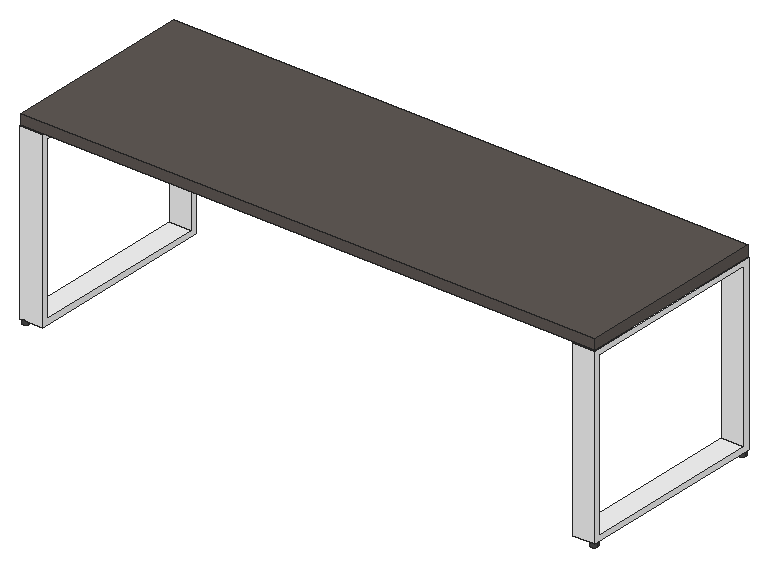
Revit family "Workstations-Multi_Level-Teknion-B_MDWO-Open_Frame_Legs-R2019", category Furniture, Revit 2019
Family settings
  OmniClass Number = 23.40.20.00
  OmniClass Title = General Furniture and Specialties
  Work Plane-Based = No
  Always vertical = Yes
  Cut with Voids When Loaded = No
  Shared = Yes
  Room Calculation Point = No
Parameters (values of type "1-9/16" Thick WS")
  Worksurface Finish [instance] = Source Laminate - Teknion - DA - Espresso
  Width [instance] = 90.000"
  Warranty = "http://www.teknion.com/ca/papers/legal-canada"
  Unit Weight URL = "http://www.teknion.com/ca/tools/assets#&asset=bee6a381-b954-425e-8283-5a2de3a804f2,f828d448-4b62-4231-9e5f-9a8991c0ed77"
  URL = "www.teknion.com"
  Thickness = 1.555"
  Sustainability Data = "http://www.teknion.com/ca/tools/assets#&topic=216f99a5-57a0-44fc-b10a-9dee9b29ae4c&asset=444deb64-fe58-4b68-981e-f75e97781df7"
  Suspended Modesty Panel Options [instance] = "Select one of the options below."  # constant formula
  Suspended Modesty Panel Height Options [instance] = "Select one of the options below."  # constant formula
  Suspended Modesty Panel - Solid Finish [instance] = Veneer-Teknion-5T-Flintwood-White_Truffle (Long Grain)
  Suspended Modesty Panel - Solid [instance] = no
  Suspended Modesty Panel - Metal Finish [instance] = Paint-Teknion-20-T-Foundation-Atrium White
  Suspended Modesty Panel - Metal [instance] = no
  Suspended Modesty Panel - Glass Hardware Finish [instance] = Paint - Teknion - Mica - Very White
  Suspended Modesty Panel - Glass Finish [instance] = Glass - Teknion - FT - Frosted Glass
  Suspended Modesty Panel - Glass [instance] = no
  Suspended Modesty Panel - Felt Finish [instance] = Fabric-Teknion-RB13-Carrera
  Suspended Modesty Panel - Felt [instance] = no
  Series = "Expansion Casegoods"  # constant formula
  Product Page URL = "http://www.teknion.com/ca/products/product-details?productlineid=0053336e-8e7a-673b-a6c8-ff00004460c4"
  Product Line = "Expansion Casegoods"  # constant formula
  Product Documentation Link = "http://www.teknion.com/pricing/expansion-casegoods/pdfs/B_MDWO_ppg.pdf"
  Part Number = "B_MDWO"  # constant formula
  Panel Height [instance] = if([6" Height Suspended Modesty Panel], 6.636", 10.009")  # 10.009"
  No Grommet Option [instance] = not([Has Both Ends - Rectangular])  # yes
  Has Both Ends - Rectangular [instance] = no
  Frame Leg Finish [instance] = Mica - Teknion - V - Satin - Very White
  Available Widths [instance] = if(Thickness = 1.016", "54, 60, 66, or 72 inches.", "54, 60, 66, 72, 78, 84, or 90 inches.")  # "54, 60, 66, 72, 78, 84, or 90 inches."
  Available Depths [instance] = if(Thickness = 1.016", "24 or 30 inches.", "24, 30, or 36 inches.")  # "24, 30, or 36 inches."
  Model = "BXMDWO___"
  Manufacturer Phone = "416-661-3370"  # constant formula
  Manufacturer Fax = "416.661.4586"  # constant formula
  Manufacturer Contact Information = "http://www.teknion.com/ca/contactus"
  Manufacturer Address = "1150 Flint Road, Toronto, ON. M3J 2J5. Canada"  # constant formula
  Manufacturer = "Teknion"  # constant formula
  Grommet Finish [instance] = Mica - Teknion - V - Satin - Very White
  Description = "Table Desk - Open Frame Legs, (1-9/16\" Thick WS)"
  Depth [instance] = 30.000"
  Assembly Code = "E2020200"
  6" Height Suspended Modesty Panel [instance] = no
  10" Height Suspended Modesty Panel [instance] = not([6" Height Suspended Modesty Panel])  # yes
Types (3): name | Width | Thickness | Panel Height | Available Widths | Available Depths | Model | Description | Depth | 6" Height Suspended Modesty Panel | 10" Height Suspended Modesty Panel
  1-3/16" Thick WS | 66.000" | 1.18898" | 6.636" | "54, 60, 66, 72, 78, 84, or 90 inches." | "24, 30, or 36 inches." | "BMMDWO___" | "Table Desk - Open Frame Legs, (1-3/16\" Thick WS)" | 24.000" | yes | no
  1" Thick WS | 66.000" | 1.016" | 6.636" | "54, 60, 66, or 72 inches." | "24 or 30 inches." | "BDMDWO___" | "Table Desk - Open Frame Legs, (1\" Thick WS)" | 24.000" | yes | no
  1-9/16" Thick WS | 90.000" | 1.555" | 10.009" | "54, 60, 66, 72, 78, 84, or 90 inches." | "24, 30, or 36 inches." | "BXMDWO___" | "Table Desk - Open Frame Legs, (1-9/16\" Thick WS)" | 30.000" | no | yes
Reference planes (in)
  plane 1 "Center Front/Back": y = 0
  plane 2: z = 0
  plane 3 "Center Left/Right": x = 0
  plane 4 "Left": x = -45
  plane 5 "Right": x = 45
  plane 6 "Back": y = 15
  plane 7 "Front": y = -15
  plane 8 "Top": z = 27.80709
  plane 9: z = 29.36209
  plane 10: z = 27.61959
  plane 11: z = 0.60236
  plane 12: x = -41.59449
  plane 13: x = -44.88189
  plane 14: x = -41.45669
  plane 15: x = 41.59449
  plane 16: x = 44.88189
  plane 17: x = 41.45669
  plane 18: x = -39
  plane 19: z = 26.61811
  plane 20: z = 29.51957
  plane 21 "Center L/S": y = 8.49213
  plane 22: x = 39
  plane 23: z = 17.79809
Forms (in)
  Extrusion 1, solid, material "Source Laminate - Teknion - DA - Espresso" <- "Worksurface Finish"
    sketch origin (-51, -180, 27.80709) x (-1, 0, 0) y (0, -1, 0)
      loop
        line (-6, -195) -> (-6, -165) -> (-96, -165) -> (-96, -195) -> (-6, -195)
    from 0 to 1.555
  Extrusion 2, solid, material "Mica - Teknion - V - Satin - Very White" <- "Frame Leg Finish"
    sketch origin (-45, 0, 0) x (0, -1, 0) y (0, 0, -1)
      loop
        line (14.8622, -27.80709) -> (14.8622, -27.61959) -> (7.81496, -27.61959) -> (7.81496, -27.80709) -> (14.8622, -27.80709)
    from 0.11811 to 3.40551
  Extrusion 3, solid, material "Mica - Teknion - V - Satin - Very White" <- "Frame Leg Finish"
    sketch origin (-45, 0, 0) x (0, 1, 0) y (0, 0, 1)
      loop
        line (14.8622, 27.80709) -> (7.81496, 27.80709) -> (7.81496, 27.61959) -> (14.8622, 27.61959) -> (14.8622, 27.80709)
    from 0.11811 to 3.40551
  Extrusion 4, solid, material "Mica - Teknion - V - Satin - Very White" <- "Frame Leg Finish"
    sketch origin (-45, 0, 0) x (0, 1, 0) y (0, 0, 1)
      loop
        line (15, 0.60236) -> (15, 27.61959) -> (-15, 27.61959) -> (-15, 0.60236) -> (15, 0.60236)
      loop
        line (14.17323, 26.79281) -> (-14.17323, 26.79281) -> (-14.17323, 1.42913) -> (14.17323, 1.42913) -> (14.17323, 26.79281)
    from 0 to 3.54331
  Extrusion 5, solid, material "Mica - Teknion - V - Satin - Very White" <- "Frame Leg Finish"
    sketch origin (27, 0, 0) x (0, -1, 0) y (0, 0, 1)
      loop
        line (14.8622, 27.80709) -> (7.81496, 27.80709) -> (7.81496, 27.61959) -> (14.8622, 27.61959) -> (14.8622, 27.80709)
    from -17.88189 to -14.59449
  Extrusion 6, solid, material "Mica - Teknion - V - Satin - Very White" <- "Frame Leg Finish"
    sketch origin (27, 0, 0) x (0, 1, 0) y (0, 0, -1)
      loop
        line (14.8622, -27.80709) -> (14.8622, -27.61959) -> (7.81496, -27.61959) -> (7.81496, -27.80709) -> (14.8622, -27.80709)
    from -17.88189 to -14.59449
  Extrusion 7, solid, material "Mica - Teknion - V - Satin - Very White" <- "Frame Leg Finish"
    sketch origin (27, 0, 0) x (0, 1, 0) y (0, 0, -1)
      loop
        line (15, -0.60236) -> (-15, -0.60236) -> (-15, -27.61959) -> (15, -27.61959) -> (15, -0.60236)
      loop
        line (14.17323, -26.79281) -> (14.17323, -1.42913) -> (-14.17323, -1.42913) -> (-14.17323, -26.79281) -> (14.17323, -26.79281)
    from -18 to -14.45669
  Extrusion 8, solid, material "Plastic - Teknion - E - Ebony"
    sketch origin (0, 0, 0) x (1, 0, 0) y (0, 1, 0)
      loop
        circle (-44.48828, 14.5045) r 0.5
    from 0 to 0.60236
  Extrusion 9, solid, material "Plastic - Teknion - E - Ebony"
    sketch origin (0, 0, 0) x (-1, 0, 0) y (0, -1, 0)
      loop
        circle (-44.48828, -14.5045) r 0.5
    from 0 to 0.60236
  Extrusion 10, solid, material "Plastic - Teknion - E - Ebony"
    sketch origin (0, 0, 0) x (1, 0, 0) y (0, 1, 0)
      loop
        circle (-44.48828, -14.5045) r 0.5
    from 0 to 0.60236
  Extrusion 11, solid, material "Plastic - Teknion - E - Ebony"
    sketch origin (0, 0, 0) x (-1, 0, 0) y (0, -1, 0)
      loop
        circle (-44.48828, 14.5045) r 0.5
    from 0 to 0.60236
  Extrusion 12, solid, material "Mica - Teknion - V - Satin - Very White" <- "Grommet Finish", visible <- "Has Both Ends - Rectangular"
    sketch origin (-26.88189, -180, 29.36209) x (-1, 0, 0) y (0, -1, 0)
      loop
        line (12.03582, -190.42836) -> (9.18859, -190.42836) -> (9.18859, -193.27243) -> (12.03582, -193.27243) -> (12.03582, -190.42836)
    from 0 to 0.15748
  Extrusion 13, solid, material "Mica - Teknion - V - Satin - Very White" <- "Grommet Finish", visible <- "Has Both Ends - Rectangular"
    sketch origin (-26.88189, -180, 29.36209) x (-1, 0, 0) y (0, -1, 0)
      loop
        line (9.18859, -190.42836) -> (5.3815, -190.42836) -> (5.3815, -193.27243) -> (9.18859, -193.27243) -> (9.18859, -192.06307) -> (6.90899, -192.06307) -> (6.90899, -191.63772) -> (9.18859, -191.63772) -> (9.18859, -190.42836)
    from 0 to 0.15748
  Extrusion 14, solid, material "Mica - Teknion - V - Satin - Very White" <- "Grommet Finish", visible <- "Has Both Ends - Rectangular"
    sketch origin (-26.88189, -180, 29.36209) x (-1, 0, 0) y (0, -1, 0)
      loop
        line (-65.7996, -190.42836) -> (-65.7996, -193.27243) -> (-62.95237, -193.27243) -> (-62.95237, -190.42836) -> (-65.7996, -190.42836)
    from 0 to 0.15748
  Extrusion 15, solid, material "Mica - Teknion - V - Satin - Very White" <- "Grommet Finish", visible <- "Has Both Ends - Rectangular"
    sketch origin (-26.88189, -180, 29.36209) x (-1, 0, 0) y (0, -1, 0)
      loop
        line (-62.95237, -190.42836) -> (-62.95237, -191.63772) -> (-60.67277, -191.63772) -> (-60.67277, -192.06307) -> (-62.95237, -192.06307) -> (-62.95237, -193.27243) -> (-59.14528, -193.27243) -> (-59.14528, -190.42836) -> (-62.95237, -190.42836)
    from 0 to 0.15748
  Sweep 16, solid, material "Veneer-Teknion-5T-Flintwood-White_Truffle (Long Grain)" <- "Suspended Modesty Panel - Solid Finish", visible <- "Suspended Modesty Panel - Solid"
    path origin (25.03893, 25.28208, -0.36198) x (1, 0, 0) y (0, 1, 0)
      loop
        line (-64.03893, -33.24036) -> (13.96107, -33.24036)
    profile origin (0, -7.95829, -0.36198) x (0, 1, 0) y (0, 0, 1)
      loop
        line (16.95829, 28.16906) -> (15.94254, 28.16906) -> (15.94254, 18.16006) -> (16.95829, 18.16006) -> (16.95829, 28.16906)
  Sweep 17, solid, material "Paint - Teknion - Foundation - Ebony", visible <- "Suspended Modesty Panel - Felt"
    path origin (-10.59873, -14.57779, -0.36198) x (-1, 0, 0) y (0, -1, 0)
      loop
        line (-49.59873, -6.6205) -> (28.40127, -6.6205)
    profile origin (0, -7.95729, -0.36198) x (0, -1, 0) y (0, 0, 1)
      loop
        line (-16.68269, 18.16006) -> (-16.63545, 18.16006) -> (-16.63545, 28.12153) -> (-16.09214, 28.12153) -> (-16.09214, 27.53885) -> (-16.0449, 27.53885) -> (-16.0449, 28.16877) -> (-16.68269, 28.16877) -> (-16.68269, 18.16006)
  Sweep 18, solid, material "Fabric-Teknion-RB13-Carrera" <- "Suspended Modesty Panel - Felt Finish", visible <- "Suspended Modesty Panel - Felt"
    path origin (-10.59873, -14.57779, -0.36198) x (-1, 0, 0) y (0, -1, 0)
      loop
        line (-49.59873, -6.6205) -> (28.40127, -6.6205)
    profile origin (0, -7.95729, -0.36198) x (0, -1, 0) y (0, 0, 1)
      loop
        line (-16.35986, 27.57805) -> (-16.63545, 27.57805) -> (-16.63545, 18.16006) -> (-16.35986, 18.16006) -> (-16.35986, 27.57805)
      loop
        line (-16.68269, 18.16006) -> (-16.68269, 27.57805) -> (-16.95829, 27.57805) -> (-16.95829, 18.16006) -> (-16.68269, 18.16006)
  Sweep 19, solid, material "Glass - Teknion - FT - Frosted Glass" <- "Suspended Modesty Panel - Glass Finish", visible <- "Suspended Modesty Panel - Glass"
    path origin (-12.09873, -14.57779, -0.36198) x (-1, 0, 0) y (0, -1, 0)
      loop
        line (-51.09873, -6.6205) -> (26.90127, -6.6205)
    profile origin (0, -7.95729, -0.36198) x (0, -1, 0) y (0, 0, 1)
      loop
        line (-16.72207, 28.16906) -> (-16.95829, 28.16906) -> (-16.95829, 18.16006) -> (-16.72207, 18.16006) -> (-16.72207, 28.16906)
  Sweep 20, solid, material "Paint - Teknion - Mica - Very White" <- "Suspended Modesty Panel - Glass Hardware Finish", visible <- "Suspended Modesty Panel - Glass"
    path origin (-12.09873, -14.57779, -0.36198) x (-1, 0, 0) y (0, -1, 0)
      loop
        line (-51.09873, -6.6205) -> (26.90127, -6.6205)
    profile origin (0, -7.95729, -0.36198) x (0, -1, 0) y (0, 0, 1)
      loop
        line (-16.3323, 28.0546) -> (-16.72207, 28.0546) -> (-16.72207, 26.86562) -> (-16.3323, 26.86562) -> (-16.3323, 28.0546)
  Sweep 21, solid, material "Paint-Teknion-20-T-Foundation-Atrium White" <- "Suspended Modesty Panel - Metal Finish", visible <- "Suspended Modesty Panel - Metal"
    path origin (25.03893, 25.28208, -0.36198) x (1, 0, 0) y (0, 1, 0)
      loop
        line (-64.03893, -30.24036) -> (13.96107, -30.24036)
    profile origin (0, -4.95829, -0.36198) x (0, 1, 0) y (0, 0, 1)
      loop
        line (13.95829, 28.16906) -> (12.94254, 28.16906) -> (12.94254, 18.16006) -> (13.95829, 18.16006) -> (13.95829, 28.16906)
  Sweep 22, void
    path origin (6.49572, 7.49234, 0) x (1, 0, 0) y (0, 1, 0)
      loop
        line (32.90555, 0.49192) -> (32.90555, 1.45966)
    profile origin (39.40127, 8.46813, 0) x (-1, 0, 0) y (0, 0, 1)
      loop
        line (77.25727, 26.03548) -> (1.54527, 26.03548) -> (1.54527, 19.05793) -> (77.25727, 19.05793) -> (77.25727, 26.03548)
Cuts and joins
  Sweep 22 cuts Sweep 21
Lines and regions (in)
  Masking region 1
    outline origin (0, 0, 0) x (1, 0, 0) y (0, 1, 0)
      loop
        line (-45, 15) -> (-45, -15) -> (45, -15) -> (45, 15) -> (-45, 15)
  symbolic lines, style "FurnitureHiddenLines", detail levels medium+fine
    curve 1: line (-41.45669, -15, 0) -> (-41.45669, 15, 0)
    curve 2: line (41.45669, 15, 0) -> (41.45669, -15, 0)
  symbolic lines, style "FurnitureHiddenLines", detail levels fine
    curve 3: arc (-44.98828, 14.5045, 0) -> (-44.48828, 14.0045, 0) -> (-43.98828, 14.5045, 0) r 0.5
    curve 4: arc (-43.98828, 14.5045, 0) -> (-44.48828, 15.0045, 0) -> (-44.98828, 14.5045, 0) r 0.5
    curve 5: arc (-43.98828, -14.5045, 0) -> (-44.48828, -14.0045, 0) -> (-44.98828, -14.5045, 0) r 0.5
    curve 6: arc (-44.98828, -14.5045, 0) -> (-44.48828, -15.0045, 0) -> (-43.98828, -14.5045, 0) r 0.5
    curve 7: arc (44.98828, -14.5045, 0) -> (44.48828, -14.0045, 0) -> (43.98828, -14.5045, 0) r 0.5
    curve 8: arc (43.98828, -14.5045, 0) -> (44.48828, -15.0045, 0) -> (44.98828, -14.5045, 0) r 0.5
    curve 9: arc (44.98828, 14.5045, 0) -> (44.48828, 15.0045, 0) -> (43.98828, 14.5045, 0) r 0.5
    curve 10: arc (43.98828, 14.5045, 0) -> (44.48828, 14.0045, 0) -> (44.98828, 14.5045, 0) r 0.5
    curve 11: line (-44.88189, 7.81496, 0) -> (-41.59449, 7.81496, 0)
    curve 12: line (-41.59449, 7.81496, 0) -> (-41.59449, 14.8622, 0)
    curve 13: line (-41.59449, 14.8622, 0) -> (-44.88189, 14.8622, 0)
    curve 14: line (-44.88189, 14.8622, 0) -> (-44.88189, 7.81496, 0)
    curve 15: line (-41.59449, -7.81496, 0) -> (-44.88189, -7.81496, 0)
    curve 16: line (-44.88189, -7.81496, 0) -> (-44.88189, -14.8622, 0)
    curve 17: line (-44.88189, -14.8622, 0) -> (-41.59449, -14.8622, 0)
    curve 18: line (-41.59449, -14.8622, 0) -> (-41.59449, -7.81496, 0)
    curve 19: line (44.88189, -7.81496, 0) -> (41.59449, -7.81496, 0)
    curve 20: line (41.59449, -7.81496, 0) -> (41.59449, -14.8622, 0)
    curve 21: line (41.59449, -14.8622, 0) -> (44.88189, -14.8622, 0)
    curve 22: line (44.88189, -14.8622, 0) -> (44.88189, -7.81496, 0)
    curve 23: line (41.59449, 7.81496, 0) -> (44.88189, 7.81496, 0)
    curve 24: line (44.88189, 7.81496, 0) -> (44.88189, 14.8622, 0)
    curve 25: line (44.88189, 14.8622, 0) -> (41.59449, 14.8622, 0)
    curve 26: line (41.59449, 14.8622, 0) -> (41.59449, 7.81496, 0)
  symbolic lines, visible <- "Has Both Ends - Rectangular"
    curve 27: line (-36.07048, 13.27243, 0) -> (-38.91771, 13.27243, 0)
    curve 28: line (-36.07048, 10.42836, 0) -> (-36.07048, 13.27243, 0)
    curve 29: line (-38.91771, 13.27243, 0) -> (-38.91771, 10.42836, 0)
    curve 30: line (-38.91771, 10.42836, 0) -> (-36.07048, 10.42836, 0)
    curve 31: line (-36.07048, 10.42836, 0) -> (-32.26339, 10.42836, 0)
    curve 32: line (-32.26339, 10.42836, 0) -> (-32.26339, 13.27243, 0)
    curve 33: line (-32.26339, 13.27243, 0) -> (-36.07048, 13.27243, 0)
    curve 34: line (-36.07048, 12.06307, 0) -> (-33.79088, 12.06307, 0)
    curve 35: line (-33.79088, 12.06307, 0) -> (-33.79088, 11.63772, 0)
    curve 36: line (-33.79088, 11.63772, 0) -> (-36.07048, 11.63772, 0)
    curve 37: line (36.07048, 13.27243, 0) -> (32.26339, 13.27243, 0)
    curve 38: line (38.91771, 13.27243, 0) -> (36.07048, 13.27243, 0)
    curve 39: line (38.91771, 10.42836, 0) -> (38.91771, 13.27243, 0)
    curve 40: line (36.07048, 10.42836, 0) -> (38.91771, 10.42836, 0)
    curve 41: line (32.26339, 10.42836, 0) -> (36.07048, 10.42836, 0)
    curve 42: line (32.26339, 13.27243, 0) -> (32.26339, 10.42836, 0)
    curve 43: line (33.79088, 12.06307, 0) -> (36.07048, 12.06307, 0)
    curve 44: line (33.79088, 11.63772, 0) -> (33.79088, 12.06307, 0)
    curve 45: line (36.07048, 11.63772, 0) -> (33.79088, 11.63772, 0)
    curve 46: line (36.07048, 13.27243, 0) -> (36.07048, 10.42836, 0)
  reference lines, not visible
    curve 47: line (-45, 15, 0) -> (45, 15, 0)
    curve 48: line (-45, 15, 0) -> (-45, -15, 0)
    curve 49: line (-45, -15, 0) -> (45, -15, 0)
    curve 50: line (45, 15, 0) -> (45, -15, 0)
  symbolic lines, style "FurnitureHiddenLines", visible <- "Suspended Modesty Panel - Metal", detail levels fine
    curve 51: line (-37.8563, 8.952, 0) -> (-37.8563, 7.98425, 0)
    curve 52: line (37.856, 8.952, 0) -> (-37.8563, 8.952, 0)
    curve 53: line (37.856, 7.98425, 0) -> (37.856, 8.952, 0)
  symbolic lines, style "FurnitureHiddenLines", visible <- "Suspended Modesty Panel - Solid", detail levels medium+fine
    curve 54: line (-39, 7.98425, 0) -> (39, 7.98425, 0)
    curve 59: line (-39, 7.98425, 0) -> (-39, 9, 0)
    curve 60: line (39, 7.98425, 0) -> (39, 9, 0)
    curve 61: line (-39, 7.98425, 0) -> (39, 7.98425, 0)
    curve 62: line (39, 9, 0) -> (-39, 9, 0)
  symbolic lines, style "FurnitureHiddenLines", visible <- "Suspended Modesty Panel - Metal", detail levels medium+fine
    curve 55: line (-39, 7.98425, 0) -> (-39, 9, 0)
    curve 56: line (39, 9, 0) -> (-39, 9, 0)
    curve 57: line (-39, 7.98425, 0) -> (39, 7.98425, 0)
    curve 58: line (39, 7.98425, 0) -> (39, 9, 0)
  symbolic lines, style "FurnitureHiddenLines", visible <- "Suspended Modesty Panel - Felt", detail levels medium+fine
    curve 63: line (-39, 9.001, 0) -> (-39, 8.08761, 0)
    curve 64: line (39, 9.001, 0) -> (-39, 9.001, 0)
    curve 65: line (39, 9.001, 0) -> (39, 8.08761, 0)
    curve 66: line (-39, 8.08761, 0) -> (39, 8.08761, 0)
  symbolic lines, style "FurnitureHiddenLines", visible <- "Suspended Modesty Panel - Felt", detail levels fine
    curve 67: line (39, 8.72541, 0) -> (-39, 8.72541, 0)
    curve 68: line (-39, 8.67817, 0) -> (39, 8.67817, 0)
    curve 69: line (-39, 8.40257, 0) -> (39, 8.40257, 0)
  symbolic lines, style "FurnitureHiddenLines", visible <- "Suspended Modesty Panel - Glass", detail levels medium+fine
    curve 70: line (39, 9.001, 0) -> (-39, 9.001, 0)
    curve 71: line (39, 9.001, 0) -> (-39, 9.001, 0)
    curve 72: line (-39, 8.76478, 0) -> (39, 8.76478, 0)
    curve 73: line (39, 9.001, 0) -> (39, 8.76478, 0)
    curve 74: line (39, 8.76478, 0) -> (39, 8.37502, 0)
    curve 75: line (-39, 8.37502, 0) -> (39, 8.37502, 0)
    curve 76: line (-39, 8.76478, 0) -> (-39, 8.37502, 0)
Dimensions and locks (in)
  equal spacing: plane 4 "Left", plane 3 "Center Left/Right", plane 5 "Right"
  equal spacing: plane 6 "Back", plane 1 "Center Front/Back", plane 7 "Front"
  locked: plane 8 "Top" to level at 27.80709
  "Depth": plane 6 "Back" to plane 7 "Front"
  "Width": plane 4 "Left" to plane 5 "Right"
  "Thickness": plane 9 to plane 8 "Top"
  locked: plane 8 "Top" to plane 10 at 0.1875
  locked: plane 11 to plane 2 at 0.60236
  plane 7 "Front" to Extrusion 2 sketch curve to Extrusion 2 sketch curve = 0.1378" locked, 7.04724" locked
  locked: plane 4 "Left" to plane 13 at 0.11811
  locked: plane 13 to plane 12 at 3.2874
  plane 6 "Back" to Extrusion 3 sketch curve to Extrusion 3 sketch curve = 0.1378" locked, 7.04724" locked
  locked: plane 12 to plane 14 at 0.1378
  locked: Extrusion 4 sketch curve to plane 10 at 0.82677
  locked: plane 6 "Back" to Extrusion 4 sketch curve at 0.82677
  locked: Extrusion 4 sketch curve to plane 7 "Front" at 0.82677
  locked: Extrusion 4 sketch curve to plane 11 at 0.82677
  plane 7 "Front" to Extrusion 5 sketch curve to Extrusion 5 sketch curve = 0.1378" locked, 7.04724" locked
  locked: plane 16 to plane 15 at 3.2874
  plane 6 "Back" to Extrusion 6 sketch curve to Extrusion 6 sketch curve = 0.1378" locked, 7.04724" locked
  locked: plane 15 to plane 17 at 0.1378
  locked: plane 16 to plane 5 "Right" at 0.11811
  locked: plane 6 "Back" to Extrusion 8 sketch curve at 0.4955
  locked: plane 4 "Left" to Extrusion 8 sketch curve at 0.51172
  locked: plane 6 "Back" to Extrusion 9 sketch curve at 0.4955
  locked: Extrusion 9 sketch curve to plane 5 "Right" at 0.51172
  locked: plane 7 "Front" to Extrusion 10 sketch curve at 0.4955
  locked: plane 4 "Left" to Extrusion 10 sketch curve at 0.51172
  locked: plane 7 "Front" to Extrusion 11 sketch curve at 0.4955
  locked: Extrusion 11 sketch curve to plane 5 "Right" at 0.51172
  locked: Extrusion 7 sketch curve to plane 11 at 0.82677
  locked: Extrusion 7 sketch curve to plane 6 "Back" at 0.82677
  locked: plane 7 "Front" to Extrusion 7 sketch curve at 0.82677
  locked: Extrusion 7 sketch curve to plane 10 at 0.82677
  locked: plane 4 "Left" to plane 18 at 6
  locked: plane 10 to plane 19 at 1.00148
  plane 4 "Left" to Extrusion 12 sketch curve to Extrusion 12 sketch curve = 6.08229" locked, 2.84723" locked
  plane 6 "Back" to Extrusion 12 sketch curve to Extrusion 12 sketch curve = 1.72757" locked, 2.84406" locked
  plane 4 "Left" to Extrusion 13 sketch curve to Extrusion 13 sketch curve to Extrusion 13 sketch curve to Extrusion 13 sketch curve = 8.92952" locked, 0.000" locked, 2.2796", 1.52748" locked
  Extrusion 13 sketch curve to Extrusion 13 sketch curve to Extrusion 13 sketch curve to Extrusion 13 sketch curve to plane 6 "Back" = 1.20936" locked, 0.42535" locked, 1.20936" locked, 1.72757" locked
  plane 5 "Right" to Extrusion 14 sketch curve to Extrusion 14 sketch curve = 6.08229" locked, 2.84723" locked
  Extrusion 14 sketch curve to Extrusion 14 sketch curve to plane 6 "Back" = 2.84406" locked, 1.72757" locked
  plane 5 "Right" to Extrusion 15 sketch curve to Extrusion 15 sketch curve to Extrusion 15 sketch curve to Extrusion 15 sketch curve = 8.92952" locked, 0.000" locked, 2.2796" locked, 1.52748" locked
  plane 6 "Back" to Extrusion 15 sketch curve to Extrusion 15 sketch curve to Extrusion 15 sketch curve to Extrusion 15 sketch curve = 1.72757" locked, 1.20936" locked, 0.42535" locked, 1.20936" locked
  locked: plane 20 to plane 9 at 0.15748
  plane 8 "Top" to Sweep 17 sketch curve to Sweep 17 sketch curve to Sweep 17 sketch curve = 0.00029" locked, 0.04724" locked, 0.58268" locked
  Sweep 17 sketch curve to Sweep 17 sketch curve to plane 21 "Center L/S" to Sweep 17 sketch curve to Sweep 17 sketch curve = 0.04724" locked, 0.35727" locked, 0.18604" locked, 0.04724" locked
  plane 10 to Sweep 18 sketch curve to Sweep 18 sketch curve = 0.40352" locked, 0.000" locked
  Sweep 20 sketch curve to plane 21 "Center L/S" to Sweep 20 sketch curve = 0.11711" locked, 0.27265" locked
  plane 8 "Top" to Sweep 20 sketch curve to Sweep 20 sketch curve = 0.11446" locked, 1.18898" locked
  Sweep 16 sketch curve to plane 21 "Center L/S" to Sweep 16 sketch curve = 0.50787" locked, 0.50787" locked
  Sweep 18 sketch curve to Sweep 18 sketch curve to Sweep 18 sketch curve to plane 21 "Center L/S" to Sweep 18 sketch curve = 0.27559" locked, 0.04724" locked, 0.18604" locked, 0.08955" locked
  plane 21 "Center L/S" to Sweep 19 sketch curve to Sweep 19 sketch curve = 0.27265" locked, 0.23622" locked
  locked: plane 22 to Sweep 22 sketch curve at 1.144
  curve 71 to curve 72 to plane 21 "Center L/S" to curve 75 = 0.23622" locked, 0.27265" locked, 0.11711" locked
  Sweep 22 sketch curve to plane 21 "Center L/S" to Sweep 22 sketch curve = 0.45987" locked, 0.50787" locked
  locked: Sweep 22 sketch curve to Sweep 21 at 1.25984
  locked: plane 6 "Back" to plane 21 "Center L/S" at 6.50787
  locked: plane 22 to plane 5 "Right" at 6
  "Panel Height": plane 8 "Top" to plane 23
  Sweep 21 sketch curve to plane 21 "Center L/S" to Sweep 21 sketch curve = 0.50787" locked, 0.50787" locked
  locked: Sweep 22 sketch curve to plane 18 at 1.144
  locked: plane 8 "Top" to Sweep 22 sketch curve at 1.77161
  aligned and locked: level to plane 2
  aligned and locked: Extrusion 1 sketch curve to plane 6 "Back"
  aligned and locked: Extrusion 1 sketch curve to plane 4 "Left"
  aligned and locked: Extrusion 1 sketch curve to plane 7 "Front"
  aligned and locked: Extrusion 1 sketch curve to plane 5 "Right"
  aligned and locked: Extrusion 1 to plane 9
  aligned and locked: Extrusion 1 to plane 8 "Top"
  aligned and locked: plane 8 "Top" to Extrusion 2 sketch curve
  aligned and locked: plane 10 to Extrusion 2 sketch curve
  aligned and locked: Extrusion 2 to plane 12
  aligned and locked: plane 13 to Extrusion 2
  aligned and locked: Extrusion 3 sketch curve to plane 10
  aligned and locked: Extrusion 3 sketch curve to plane 8 "Top"
  aligned and locked: Extrusion 3 to plane 12
  aligned and locked: Extrusion 3 to plane 13
  aligned and locked: plane 6 "Back" to Extrusion 4 sketch curve
  aligned and locked: plane 10 to Extrusion 4 sketch curve
  aligned and locked: Extrusion 4 sketch curve to plane 7 "Front"
  aligned and locked: plane 11 to Extrusion 4 sketch curve
  aligned and locked: Extrusion 4 to plane 14
  aligned and locked: Extrusion 4 to plane 4 "Left"
  aligned and locked: plane 15 to Extrusion 5  (x2)
  aligned and locked: plane 16 to Extrusion 5  (x2)
  aligned and locked: plane 15 to Extrusion 6  (x3)
  aligned and locked: Extrusion 6 to plane 16  (x3)
  aligned and locked: plane 17 to Extrusion 7  (x2)
  aligned and locked: Extrusion 1 to plane 5 "Right"  (x2)
  aligned and locked: Extrusion 7 to plane 5 "Right"
  aligned and locked: plane 8 "Top" to Extrusion 5
  aligned and locked: plane 10 to Extrusion 5
  aligned and locked: plane 8 "Top" to Extrusion 6
  aligned and locked: plane 10 to Extrusion 6
  aligned and locked: Extrusion 8 to plane 2
  aligned and locked: plane 11 to Extrusion 8
  aligned and locked: plane 11 to Extrusion 10
  aligned and locked: Extrusion 10 to plane 11
  aligned and locked: Extrusion 11 to plane 11
  aligned and locked: Extrusion 9 to plane 11
  aligned and locked: Extrusion 10 to plane 2
  aligned and locked: plane 2 to Extrusion 10
  aligned and locked: Extrusion 11 to plane 2
  aligned and locked: Extrusion 9 to plane 2
  aligned and locked: Masking region 1 sketch curve to plane 4 "Left"
  aligned and locked: Masking region 1 sketch curve to plane 6 "Back"
  aligned and locked: Masking region 1 sketch curve to plane 5 "Right"
  aligned and locked: Masking region 1 sketch curve to plane 7 "Front"
  aligned and locked: curve 3 to Extrusion 8
  aligned and locked: curve 4 to Extrusion 8
  aligned and locked: curve 5 to Extrusion 10
  aligned and locked: curve 6 to Extrusion 10
  aligned and locked: curve 7 to Extrusion 11
  aligned and locked: curve 8 to Extrusion 11
  aligned and locked: curve 9 to Extrusion 9
  aligned and locked: curve 10 to Extrusion 9
  aligned and locked: curve 11 to Extrusion 3
  aligned and locked: curve 12 to Extrusion 3
  aligned and locked: curve 13 to Extrusion 3
  aligned and locked: curve 14 to Extrusion 3
  aligned and locked: curve 15 to Extrusion 2
  aligned and locked: curve 16 to Extrusion 2
  aligned and locked: curve 17 to Extrusion 2
  aligned and locked: curve 18 to Extrusion 2
  aligned and locked: curve 19 to Extrusion 5
  aligned and locked: curve 20 to Extrusion 5
  aligned and locked: curve 21 to Extrusion 5
  aligned and locked: curve 22 to Extrusion 5
  aligned and locked: curve 23 to Extrusion 6
  aligned and locked: curve 24 to Extrusion 6
  aligned and locked: curve 25 to Extrusion 6
  aligned and locked: curve 26 to Extrusion 6
  aligned and locked: Extrusion 7 sketch curve to plane 7 "Front"
  aligned and locked: plane 10 to Extrusion 7 sketch curve
  aligned and locked: plane 6 "Back" to Extrusion 7 sketch curve
  aligned and locked: plane 11 to Extrusion 7 sketch curve
  aligned and locked: curve 27 to Extrusion 12
  aligned and locked: curve 28 to Extrusion 12
  aligned and locked: curve 29 to Extrusion 12
  aligned and locked: curve 30 to Extrusion 12
  aligned and locked: curve 31 to Extrusion 13
  aligned and locked: curve 32 to Extrusion 13
  aligned and locked: curve 33 to Extrusion 13
  aligned and locked: curve 34 to Extrusion 13
  aligned and locked: curve 35 to Extrusion 13
  aligned and locked: curve 36 to Extrusion 13
  aligned and locked: curve 37 to Extrusion 15
  aligned and locked: curve 38 to Extrusion 14
  aligned and locked: curve 39 to Extrusion 14
  aligned and locked: curve 40 to Extrusion 14
  aligned and locked: curve 41 to Extrusion 15
  aligned and locked: curve 42 to Extrusion 15
  aligned and locked: curve 43 to Extrusion 15
  aligned and locked: curve 44 to Extrusion 15
  aligned and locked: curve 45 to Extrusion 15
  aligned and locked: curve 46 to Extrusion 14
  aligned and locked: plane 20 to Extrusion 12
  aligned and locked: plane 20 to Extrusion 13
  aligned and locked: Extrusion 15 to plane 20
  aligned and locked: Extrusion 14 to plane 20
  aligned and locked: Extrusion 12 to plane 9
  aligned and locked: Extrusion 13 to plane 9
  aligned and locked: plane 9 to Extrusion 15
  aligned and locked: plane 9 to Extrusion 14
  aligned and locked: curve 47 to plane 6 "Back"
  aligned and locked: curve 48 to plane 4 "Left"
  aligned and locked: curve 49 to plane 7 "Front"
  aligned and locked: curve 50 to plane 5 "Right"
  aligned and locked: curve 55 to Sweep 16
  aligned and locked: curve 58 to Sweep 16
  aligned and locked: curve 66 to Sweep 17
  aligned and locked: curve 68 to Sweep 17
  aligned and locked: Sweep 18 to curve 69
  aligned and locked: curve 73 to Sweep 19
  aligned and locked: curve 74 to Sweep 20
  aligned and locked: curve 76 to Sweep 20
  aligned and locked: Sweep 21 sketch curve to plane 22
  aligned and locked: Sweep 19 sketch curve to plane 22
  aligned and locked: Sweep 20 sketch curve to plane 22
  aligned and locked: Sweep 17 sketch curve to plane 22
  aligned and locked: Sweep 16 sketch curve to plane 22
  aligned and locked: Sweep 18 sketch curve to plane 22
  aligned and locked: Sweep 21 sketch curve to plane 8 "Top"
  aligned and locked: Sweep 21 sketch curve to plane 23
  aligned and locked: plane 23 to Sweep 19 sketch curve
  aligned and locked: plane 8 "Top" to Sweep 19 sketch curve
  aligned and locked: Sweep 19 sketch curve to plane 18
  aligned and locked: plane 23 to Sweep 18 sketch curve
  aligned and locked: Sweep 18 sketch curve to plane 23
  aligned and locked: Sweep 18 sketch curve to plane 18
  aligned and locked: Sweep 21 sketch curve to plane 18
  aligned and locked: Sweep 17 sketch curve to plane 18
  aligned and locked: Sweep 20 sketch curve to plane 18
  aligned and locked: Sweep 16 sketch curve to plane 18
  aligned and locked: Sweep 16 sketch curve to plane 23
  aligned and locked: Sweep 16 sketch curve to plane 8 "Top"
  aligned and locked: plane 23 to Sweep 17 sketch curve
Automatic sketch dimensions
  plane 10 to Extrusion 5 sketch curve = 0.000"
  Extrusion 5 sketch curve to plane 8 "Top" = 0.000"
  plane 10 to Extrusion 6 sketch curve = 0.000"
  Extrusion 6 sketch curve to plane 8 "Top" = 0.000"
  curve 1 to plane 6 "Back" = 0.000"
  curve 1 to plane 14 = 0.000"
  plane 6 "Back" to curve 2 = 0.000"
  curve 2 to plane 17 = 0.000"
  plane 7 "Front" to curve 2 = 0.000"
  curve 1 to plane 7 "Front" = 0.000"
  curve 63 to plane 18 = 0.000"
  plane 18 to curve 52 = 1.1437"
  curve 52 to plane 22 = 1.144"
  curve 58 to curve 65 = 0.10336"
  curve 74 to curve 72 = 0.000"
  curve 67 to curve 72 = 0.03937"
  Sweep 16 sketch curve to plane 7 "Front" = 7.04171"
  Sweep 17 sketch curve to plane 7 "Front" = 7.04271"
  Sweep 18 sketch curve to plane 7 "Front" = 7.04271"
  Sweep 19 sketch curve to plane 7 "Front" = 7.04271"
  Sweep 20 sketch curve to plane 7 "Front" = 7.04271"
  plane 1 "Center Front/Back" to Sweep 21 sketch curve = 4.95829"
  plane 21 "Center L/S" to curve 52 = 0.45987"
  curve 62 to curve 64 = 0.001"
  plane 22 to Sweep 22 sketch curve = 0.40127"
  radius of Extrusion 8 sketch curve = 0.500"
  radius of Extrusion 9 sketch curve = 0.500"
  radius of Extrusion 10 sketch curve = 0.500"
  radius of Extrusion 11 sketch curve = 0.500"
